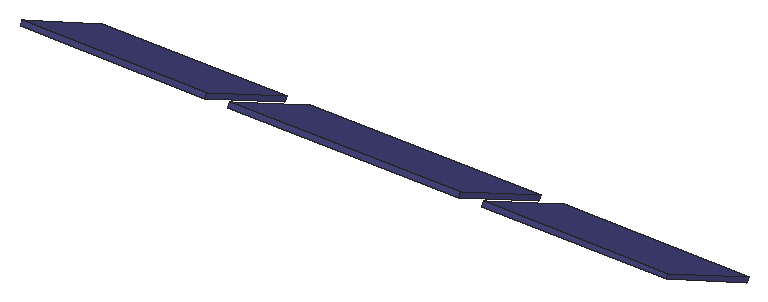
Revit family "Solar_Modulo_3", category Electrical Equipment, Revit 2025
Family settings
  Panel Configuration = Two Columns, Circuits Across
  Round Connector Dimension = Use Diameter
  Part Type = Panelboard
  OmniClass Number = 23.80.30.11.17
  OmniClass Title = Distribution Boards and Control Panels
  Work Plane-Based = No
  Always vertical = No
  Cut with Voids When Loaded = No
  Maintain Annotation Orientation = No
  Shared = No
  Room Calculation Point = No
Parameters
  built-in parameter 1140142 [instance] = -1
  Painel Lateral = PainelSolar : Painel_Solar_200x120
  Painel Central = PainelSolar : Painel_Solar_250x120
  Modulo_Solar_Eixo = Modulo_Solar_Comprimento / 2  # 1.250 m
  Modulo_Solar_Comprimento = 2.500 m
  built-in parameter 1140140 [instance] = 1 (stored number, unit not read)
  built-in parameter 1155100 [instance] = -1
  Default Elevation = 0.000 m
Reference planes (m)
  plane 1 "Center (Front/Back)": y = 0
  plane 2: z = 0
  plane 3 "Center (Left/Right)": x = 0
  plane 4: x = 2.5
  plane 5: x = 5
  plane 6: x = 7.5
  plane 7: x = 1.25
  plane 8: x = 3.75
  plane 9: x = 6.25
Dimensions and locks (m)
  equal spacing: plane 3 "Center (Left/Right)", plane 7, plane 4, plane 8, plane 5, plane 9, plane 6
  "Modulo_Solar_Eixo": plane 4 to plane 8
  aligned and locked: level to plane 2
Nested families (m)
  nested 1: "PainelSolar" at (0.05, 0.578869, 0), type <- "Painel Lateral", type "Painel_Solar_200x120"
    with built-in parameter 1140142 -1, MCB Rating 1 A, Feed Through Lugs yes, Painel_Profundidade 1.200 m, Painel_Comprimento 2.000 m, Painel_Angulo 25.00°
  nested 2: "PainelSolar" at (2.55, 0.578869, 0), type <- "Painel Central", type "Painel_Solar_250x120"
    with built-in parameter 1140142 -1, MCB Rating 1 A, Feed Through Lugs yes, Painel_Profundidade 1.200 m, Painel_Comprimento 2.500 m, Painel_Angulo 25.00°
  nested 3: "PainelSolar" at (5.05, 0.578869, 0), type <- "Painel Lateral", type "Painel_Solar_200x120"
    with built-in parameter 1140142 -1, MCB Rating 1 A, Feed Through Lugs yes, Painel_Profundidade 1.200 m, Painel_Comprimento 2.000 m, Painel_Angulo 25.00°
Definition of nested family "PainelSolar"
  Parameters (values of type "Painel_Solar_220x080")
    built-in parameter 1140142 [instance] = -1
    Painel_Profundidade = 0.570 m
    Painel_Comprimento = 2.200 m
    Painel_Angulo = 35.00°
    built-in parameter 1155152 [instance] = 16
    MCB Rating [instance] = 1 A
    Feed Through Lugs [instance] = yes
    Default Elevation = 0.000 m
  Reference planes (m)
    plane 1 "Center (Front/Back)": y = 0
    plane 2: z = 0
    plane 3 "Center (Left/Right)": x = 0.1
    plane 4: x = 2.3
    plane 5: x = 1.2
  Forms (m)
    Extrusion 1, solid
      sketch origin (2.3, 0.65266, 1.2) x (0, 1, 0) y (0, 0, 1)
        loop
          line (-0.65266, -1.2) -> (-0.623981, -1.159042) -> (-1.090898, -0.832104) -> (-1.119576, -0.873061) -> (-0.65266, -1.2)
      from 0 to -2.2
  Lines and regions (m)
    reference lines
      curve 1: line (0.1, 0, 0) -> (0.1, -0.466917, 0.326939)
  Dimensions and locks (m)
    "Painel_Profundidade": curve 1 to curve 1
    "Painel_Comprimento": plane 4 to plane 3 "Center (Left/Right)"
    equal spacing: plane 3 "Center (Left/Right)", plane 5, plane 4
    locked: Extrusion 1 sketch curve to Extrusion 1 sketch curve at 0.05
    "Painel_Profundidade": Extrusion 1 sketch curve to Extrusion 1 sketch curve
    "Painel_Angulo": angle level to curve 1
    aligned and locked: level to plane 2
    aligned and locked: plane 1 "Center (Front/Back)" to curve 1
    aligned and locked: plane 2 to curve 1
    aligned and locked: Extrusion 1 sketch curve to curve 1
    aligned and locked: Extrusion 1 to plane 3 "Center (Left/Right)"
    aligned and locked: plane 4 to Extrusion 1
  Automatic sketch dimensions
    Extrusion 1 sketch curve to level = 0.000 m
